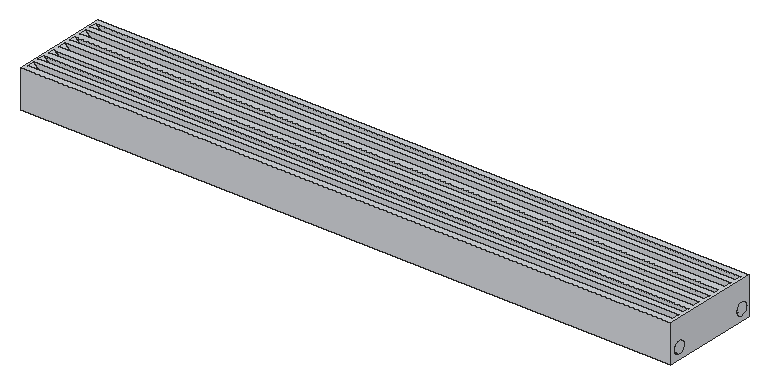
Revit family "SL08", category Mechanical Equipment, Revit 2017
Family settings
  Round Connector Dimension = Use Diameter
  Part Type = Normal
  OmniClass Number = 23.75.00.00
  OmniClass Title = Climate Control (HVAC)
  Work Plane-Based = No
  Always vertical = Yes
  Cut with Voids When Loaded = No
  Shared = No
  Room Calculation Point = No
Parameters
  Width = 179 mm
  Length = 1200 mm
  Height = 200 mm
Reference planes
  plane 1 "Center (Front/Back)": y = 0
  plane 2: z = 0
  plane 3 "Center (Left/Right)": x = 0
  plane 4: x = 0
  plane 5: x = -600
  plane 6: x = 600
  plane 7: x = -595
  plane 8: x = -580
  plane 9: x = 595
  plane 10: x = 580
  plane 11: x = 597
  plane 12: x = -597
  plane 13: z = 270
  plane 14: z = 255
  plane 15: z = 215
  plane 16: z = 200
  plane 17: y = -3
  plane 18: y = -179
  plane 19: y = -176
  plane 20: y = -161
  plane 21: y = -18
  plane 22: x = -530
  plane 23: x = 530
  plane 24: x = -533
  plane 25: x = 533
  plane 26 "Center": y = -89.5
Forms (mm)
  Extrusion 1, solid
    sketch origin (0, 0, 0) x (1, 0, 0) y (0, 0, 1)
      loop
        line (-600, 270) -> (-600, 200) -> (-595, 200) -> (-580, 215) -> (-580, 255) -> (-595, 270) -> (-600, 270)
      loop
        line (600, 270) -> (595, 270) -> (580, 255) -> (580, 215) -> (595, 200) -> (600, 200) -> (600, 270)
    from 0 to 179
  Extrusion 2, solid
    sketch origin (0, 0, 0) x (1, 0, 0) y (0, 1, 0)
      loop
        line (-595, 0) -> (-595, -11) -> (595, -11) -> (595, 0) -> (-595, 0)
    from 200 to 270
  Extrusion 3, solid
    sketch origin (0, -24, 0) x (1, 0, 0) y (0, 1, 0)
      loop
        line (-595, 0) -> (-595, -11) -> (595, -11) -> (595, 0) -> (-595, 0)
    from 200 to 270
  Extrusion 4, solid
    sketch origin (0, -48, 0) x (1, 0, 0) y (0, 1, 0)
      loop
        line (-595, 0) -> (-595, -11) -> (595, -11) -> (595, 0) -> (-595, 0)
    from 200 to 270
  Extrusion 5, solid
    sketch origin (0, -72, 0) x (1, 0, 0) y (0, 1, 0)
      loop
        line (-595, 0) -> (-595, -11) -> (595, -11) -> (595, 0) -> (-595, 0)
    from 200 to 270
  Extrusion 6, solid
    sketch origin (0, -96, 0) x (1, 0, 0) y (0, 1, 0)
      loop
        line (-595, 0) -> (-595, -11) -> (595, -11) -> (595, 0) -> (-595, 0)
    from 200 to 270
  Extrusion 7, solid
    sketch origin (0, -120, 0) x (1, 0, 0) y (0, 1, 0)
      loop
        line (-595, 0) -> (-595, -11) -> (595, -11) -> (595, 0) -> (-595, 0)
    from 200 to 270
  Extrusion 8, solid
    sketch origin (0, -144, 0) x (1, 0, 0) y (0, 1, 0)
      loop
        line (-595, 0) -> (-595, -11) -> (595, -11) -> (595, 0) -> (-595, 0)
    from 200 to 270
  Extrusion 9, solid
    sketch origin (0, -168, 0) x (1, 0, 0) y (0, 1, 0)
      loop
        line (-595, 0) -> (-595, -11) -> (595, -11) -> (595, 0) -> (-595, 0)
    from 200 to 270
  Extrusion 10, solid
    sketch origin (0, 0, 0) x (0, 1, 0) y (0, 0, 1)
      loop
        circle (-17.5, 222) r 10.5
      loop
        circle (-161.5, 222) r 10.5
    from -600 to -602
  Extrusion 11, solid
    sketch origin (0, 0, 0) x (0, 1, 0) y (0, 0, -1)
      loop
        circle (-17.5, -222) r 10.5
      loop
        circle (-161.5, -222) r 10.5
    from -600 to -602
Cuts and joins
  joined: Extrusion 1, Extrusion 2, Extrusion 3, Extrusion 4, Extrusion 5, Extrusion 6, Extrusion 7, Extrusion 8, Extrusion 9
Dimensions and locks
  equal spacing: plane 5, plane 4, plane 6
  "Length": plane 5 to plane 6
  locked: plane 7 to plane 8 at 15
  locked: plane 5 to plane 7 at 5
  locked: plane 9 to plane 10 at 15
  locked: plane 6 to plane 9 at 5
  locked: plane 11 to plane 6 at 3
  locked: plane 5 to plane 12 at 3
  "Height": plane 16 to level
  locked: plane 13 to plane 14 at 15
  locked: plane 13 to plane 16 at 70
  locked: plane 15 to plane 16 at 15
  "Width": plane 18 to plane 1 "Center (Front/Back)"
  locked: plane 23 to plane 6 at 70
  locked: plane 17 to plane 1 "Center (Front/Back)" at 3
  locked: plane 19 to plane 18 at 3
  locked: plane 21 to plane 1 "Center (Front/Back)" at 18
  locked: plane 20 to plane 18 at 18
  locked: plane 24 to plane 22 at 3
  locked: plane 23 to plane 25 at 3
  Extrusion 2 sketch curve to Extrusion 2 sketch curve = 11 mm
  Extrusion 3 sketch curve to Extrusion 3 sketch curve = 11 mm
  Extrusion 4 sketch curve to Extrusion 4 sketch curve = 11 mm
  Extrusion 5 sketch curve to Extrusion 5 sketch curve = 11 mm
  Extrusion 6 sketch curve to Extrusion 6 sketch curve = 11 mm
  Extrusion 7 sketch curve to Extrusion 7 sketch curve = 11 mm
  Extrusion 8 sketch curve to Extrusion 8 sketch curve = 11 mm
  Extrusion 9 sketch curve to Extrusion 9 sketch curve = 11 mm
  locked: plane 5 to plane 22 at 70
  equal spacing: plane 18, plane 26 "Center", plane 1 "Center (Front/Back)"
  locked: Extrusion 2 to Extrusion 2 at 11
  locked: Extrusion 3 to Extrusion 2 at 13
  plane 21 to Extrusion 3 to Extrusion 3 = 6 mm locked, 11 mm locked
  locked: Extrusion 4 to Extrusion 3 at 13
  locked: Extrusion 4 to Extrusion 4 at 11
  locked: Extrusion 5 to Extrusion 4 at 13
  locked: Extrusion 5 to Extrusion 5 at 11
  locked: Extrusion 6 to Extrusion 5 at 13
  locked: Extrusion 6 to Extrusion 6 at 11
  locked: Extrusion 7 to Extrusion 6 at 13
  locked: Extrusion 7 to Extrusion 7 at 11
  locked: Extrusion 8 to Extrusion 7 at 13
  locked: Extrusion 8 to Extrusion 8 at 11
  locked: Extrusion 9 to Extrusion 8 at 13
  locked: Extrusion 9 to Extrusion 9 at 11
  locked: plane 1 "Center (Front/Back)" to Extrusion 10 sketch curve at 17.5
  Extrusion 10 sketch curve to plane 16 = 22 mm
  locked: Extrusion 10 sketch curve to plane 18 at 17.5
  locked: Extrusion 10 sketch curve to plane 16 at 22
  locked: plane 5 to Extrusion 10 at 2
  locked: plane 6 to Extrusion 11 at 2
  aligned and locked: level to plane 2
  aligned and locked: plane 5 to Extrusion 1 sketch curve
  aligned and locked: Extrusion 1 sketch curve to plane 8
  aligned and locked: plane 16 to Extrusion 1 sketch curve
  aligned and locked: Extrusion 1 sketch curve to plane 13
  aligned and locked: Extrusion 1 sketch curve to plane 6
  aligned and locked: plane 13 to Extrusion 1 sketch curve
  aligned and locked: plane 10 to Extrusion 1 sketch curve
  aligned and locked: Extrusion 1 sketch curve to plane 16
  aligned and locked: plane 13 to Extrusion 2
  aligned and locked: Extrusion 2 to plane 16
  aligned and locked: Extrusion 9 to plane 9
  aligned and locked: Extrusion 8 to plane 9
  aligned and locked: Extrusion 7 to plane 9
  aligned and locked: Extrusion 6 to plane 9
  aligned and locked: Extrusion 5 to plane 9
  aligned and locked: Extrusion 4 to plane 9
  aligned and locked: Extrusion 3 to plane 9
  aligned and locked: Extrusion 2 to plane 9
  aligned and locked: plane 13 to Extrusion 9
  aligned and locked: plane 13 to Extrusion 8
  aligned and locked: plane 13 to Extrusion 7
  aligned and locked: plane 13 to Extrusion 6
  aligned and locked: plane 13 to Extrusion 5
  aligned and locked: plane 13 to Extrusion 4
  aligned and locked: plane 13 to Extrusion 3
  aligned and locked: Extrusion 9 to plane 16
  aligned and locked: Extrusion 8 to plane 16
  aligned and locked: Extrusion 7 to plane 16
  aligned and locked: Extrusion 6 to plane 16
  aligned and locked: Extrusion 5 to plane 16
  aligned and locked: Extrusion 4 to plane 16
  aligned and locked: Extrusion 3 to plane 16
  aligned and locked: Extrusion 1 to plane 18
  aligned and locked: plane 6 to Extrusion 11
  aligned and locked: plane 5 to Extrusion 10
Automatic sketch dimensions
  Extrusion 1 sketch curve to plane 7 = 0 mm  (x2)
  plane 9 to Extrusion 1 sketch curve = 0 mm  (x2)
  Extrusion 1 sketch curve to plane 15 = 0 mm  (x2)
  Extrusion 1 sketch curve to plane 14 = 0 mm  (x2)
  plane 1 "Center (Front/Back)" to Extrusion 2 sketch curve = 0 mm
  Extrusion 2 sketch curve to plane 7 = 0 mm
  Extrusion 2 sketch curve to plane 9 = 0 mm
  Extrusion 3 sketch curve to plane 7 = 0 mm
  Extrusion 3 sketch curve to plane 9 = 0 mm
  Extrusion 3 sketch curve to plane 21 = 17 mm
  Extrusion 4 sketch curve to plane 7 = 0 mm
  Extrusion 4 sketch curve to plane 9 = 0 mm
  Extrusion 4 sketch curve to plane 21 = 41 mm
  Extrusion 5 sketch curve to plane 7 = 0 mm
  Extrusion 5 sketch curve to plane 9 = 0 mm
  Extrusion 5 sketch curve to plane 21 = 65 mm
  Extrusion 6 sketch curve to plane 7 = 0 mm
  Extrusion 6 sketch curve to plane 9 = 0 mm
  Extrusion 6 sketch curve to plane 26 "Center" = 17.5 mm
  Extrusion 7 sketch curve to plane 7 = 0 mm
  Extrusion 7 sketch curve to plane 9 = 0 mm
  Extrusion 7 sketch curve to plane 26 "Center" = 41.5 mm
  Extrusion 8 sketch curve to plane 7 = 0 mm
  Extrusion 8 sketch curve to plane 9 = 0 mm
  Extrusion 8 sketch curve to plane 26 "Center" = 65.5 mm
  Extrusion 9 sketch curve to plane 7 = 0 mm
  Extrusion 9 sketch curve to plane 9 = 0 mm
  Extrusion 9 sketch curve to plane 26 "Center" = 89.5 mm
  Extrusion 11 sketch curve to plane 20 = 0.5 mm
  plane 21 to Extrusion 11 sketch curve = 0.5 mm
  Extrusion 11 sketch curve to plane 15 = 7 mm  (x2)
  radius of Extrusion 10 sketch curve = 10.5 mm  (x2)
  radius of Extrusion 11 sketch curve = 10.5 mm  (x2)
